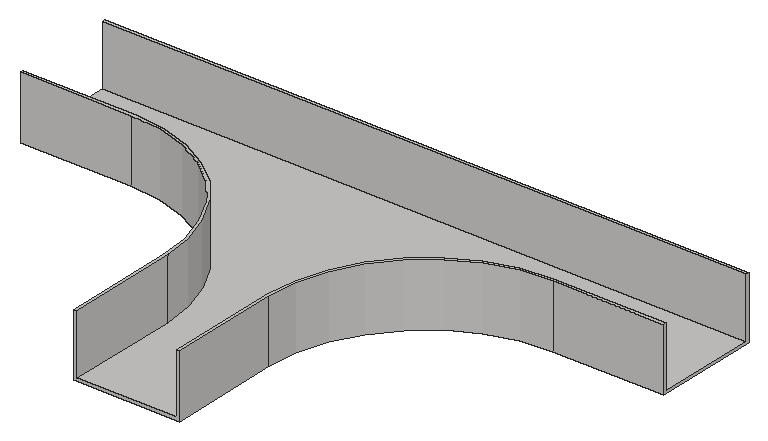
Revit family "Cable_Tray_Fitting-Solid_Tray-OBO_Bettermann-Channel_Horizontal_Tee_400-600-MKS_Magic", category Cable Tray Fittings, Revit 2012
Parameters (values of type "Hot Dipped Galvanised")
  URL = "http://www.obo-bettermann.com/"
  Tray Width Overall [instance] = Tray Width 3 + 510 mm  # 610 mm
  Tray Width 3 [instance] = 100 mm
  Tray Width 1 [instance] = 100 mm
  Tray Height [instance] = 60 mm
  built-in parameter 1140111 [instance] = 2.58 mm
  Radius Label 1 = Radius Label + 2.6 mm  # 152.6 mm
  Radius Label = 150 mm
  Product Page URL = "http://catalog2.obo-bettermann.com/catalogue/catalogue.do?favOid=kts_315277&act=showIO&lang=en&action=start&catId=KTS&forward=showSolutionView"
  Product Documentation Link = ""
  Pre Galvanized = no
  Model = "MKS-Magic"
  Manufacturer = "OBO Bettermann"
  Description = "Solid Cable tray"
  Connector Description 3 = "Connector for Cable Tray 3"  # constant formula
  Connector Description 2 = "Connector for Cable Tray 2"  # constant formula
  Connector Description = "Connector for Cable Tray 1"  # constant formula
  Classification = "Refer to nline catalog for UL and cUL classifed sizes and wire sizes."
  Cable Tray Material = Metal - OBO Bettermann - Hot-Dipped-Galvanised
  Assembly Code = "D5030600"
Types (2, lengths in mm): name | Tray Width Overall | Tray Width 3 | Tray Width 1 | Cable Tray Material
  Stripped Galvanised | 910 | 400 | 400 | Metal - OBO Bettermann - Strip-Galvanised
  Hot Dipped Galvanised | 610 | 100 | 100 | Metal - OBO Bettermann - Hot-Dipped-Galvanised
Reference planes
  plane 1 "Center (Front/Back)": y = 0
  plane 2: z = 0
  plane 3 "Center (Left/Right)": x = 0
  plane 4: y = 50
  plane 5: y = -50
  plane 6: z = 30
  plane 7: z = -30
  plane 8: x = -50
  plane 9: x = 50
  plane 10: y = -47.42
  plane 11: y = 47.42
  plane 12: y = -305
  plane 13: x = -47.42
  plane 14: x = 47.42
  plane 15: z = -27.42
  plane 16: x = -305
  plane 17: x = 305
Forms (mm)
  Extrusion 1, solid, material "Metal - OBO Bettermann - Hot-Dipped-Galvanised" <- "Cable Tray Material", detail levels fine
    sketch origin (0, 0, 0) x (1, 0, 0) y (0, 1, 0)
      loop
        line (-305, -47.42) -> (-305, -50) -> (-200, -50)
        arc (-200, -50) -> (-93.934, -93.934) -> (-50, -200) r 150
        line (-50, -200) -> (-50, -305) -> (-47.42, -305) -> (-47.42, -197.51)
        arc (-47.42, -197.51) -> (-92.096, -92.096) -> (-197.51, -47.42) r 152.6
        line (-197.51, -47.42) -> (-305, -47.42)
      loop
        line (200, -50) -> (305, -50) -> (305, -47.42) -> (197.51, -47.42)
        arc (197.51, -47.42) -> (92.096, -92.096) -> (47.42, -197.51) r 152.6
        line (47.42, -197.51) -> (47.42, -305) -> (50, -305) -> (50, -200)
        arc (50, -200) -> (93.934, -93.934) -> (200, -50) r 150
      loop
        line (-305, 50) -> (-305, 47.42) -> (305, 47.42) -> (305, 50) -> (-305, 50)
    from -30 to 30
  Extrusion 2, solid, material "Metal - OBO Bettermann - Hot-Dipped-Galvanised" <- "Cable Tray Material", detail levels fine
    sketch origin (0, 0, 0) x (1, 0, 0) y (0, 1, 0)
      loop
        line (-305, -50) -> (-200, -50)
        arc (-200, -50) -> (-93.934, -93.934) -> (-50, -200) r 150
        line (-50, -200) -> (-50, -305) -> (50, -305) -> (50, -200)
        arc (50, -200) -> (93.934, -93.934) -> (200, -50) r 150
        line (200, -50) -> (305, -50) -> (305, 50) -> (-305, 50) -> (-305, -50)
    from -30 to -27.42
  Extrusion 3, solid, material "Metal - OBO Bettermann - Hot-Dipped-Galvanised" <- "Cable Tray Material", detail levels medium
    sketch origin (0, 0, 0) x (1, 0, 0) y (0, 1, 0)
      loop
        line (-305, 50) -> (-305, -50) -> (-200, -50)
        arc (-200, -50) -> (-93.934, -93.934) -> (-50, -200) r 150
        line (-50, -200) -> (-50, -305) -> (50, -305) -> (50, -200)
        arc (50, -200) -> (93.934, -93.934) -> (200, -50) r 150
        line (200, -50) -> (305, -50) -> (305, 50) -> (-305, 50)
    from -30 to 30
Cuts and joins
  joined: Extrusion 1, Extrusion 2
Lines and regions (mm)
  model lines, style "Coarse View", detail levels coarse
    curve 1: line (-230, 0, 0) -> (200, 0, 0)
    curve 2: line (0, 0, 0) -> (0, -305, 0)
Dimensions and locks
  equal spacing: plane 4, plane 1 "Center (Front/Back)", plane 5
  "Tray Width 1": plane 4 to plane 5
  equal spacing: plane 6, plane 2, plane 7
  "Tray Height": plane 6 to plane 7
  equal spacing: plane 8, plane 3 "Center (Left/Right)", plane 9  (x2)
  "Tray Width 3": plane 8 to plane 9
  "built-in parameter 1140111": plane 10 to plane 5
  "built-in parameter 1140111": plane 4 to plane 11
  locked: plane 5 to plane 12 at 255
  "built-in parameter 1140111": plane 8 to plane 13
  "built-in parameter 1140111": plane 14 to plane 9
  "built-in parameter 1140111": plane 15 to plane 7
  locked: plane 16 to plane 8 at 255
  locked: plane 9 to plane 17 at 255
  equal spacing: plane 16, plane 3 "Center (Left/Right)", plane 17
  "Radius Label": radius of Extrusion 3 sketch curve  (x2)
  "Radius Label": radius of Extrusion 1 sketch curve  (x2)
  "Radius Label 1": radius of Extrusion 1 sketch curve  (x2)
  "Radius Label": radius of Extrusion 2 sketch curve  (x2)
  aligned and locked: Extrusion 1 sketch curve to plane 10
  aligned and locked: Extrusion 1 sketch curve to plane 5
  aligned and locked: Extrusion 1 sketch curve to plane 8
  aligned and locked: plane 12 to Extrusion 1 sketch curve  (x2)
  aligned and locked: Extrusion 1 sketch curve to plane 13
  aligned and locked: plane 13 to Extrusion 1 sketch curve
  aligned and locked: plane 8 to Extrusion 1 sketch curve
  aligned and locked: Extrusion 1 sketch curve to plane 12  (x2)
  aligned and locked: Extrusion 1 to plane 7
  aligned and locked: plane 6 to Extrusion 1
  aligned and locked: plane 5 to Extrusion 1 sketch curve
  aligned and locked: plane 10 to Extrusion 1 sketch curve
  aligned and locked: Extrusion 1 sketch curve to plane 14
  aligned and locked: Extrusion 1 sketch curve to plane 9
  aligned and locked: plane 9 to Extrusion 1 sketch curve
  aligned and locked: plane 14 to Extrusion 1 sketch curve
  aligned and locked: plane 11 to Extrusion 1 sketch curve
  aligned and locked: Extrusion 1 sketch curve to plane 4
  aligned and locked: Extrusion 2 sketch curve to plane 5
  aligned and locked: Extrusion 2 sketch curve to plane 4
  aligned and locked: plane 4 to Extrusion 2 sketch curve
  aligned and locked: plane 5 to Extrusion 2 sketch curve
  aligned and locked: plane 12 to Extrusion 2 sketch curve
  aligned and locked: plane 9 to Extrusion 2 sketch curve
  aligned and locked: plane 8 to Extrusion 2 sketch curve
  aligned and locked: Extrusion 2 sketch curve to plane 12
  aligned and locked: Extrusion 2 to plane 7
  aligned and locked: plane 15 to Extrusion 2
  aligned and locked: Extrusion 3 sketch curve to plane 5  (x2)
  aligned and locked: plane 4 to Extrusion 3 sketch curve  (x2)
  aligned and locked: plane 5 to Extrusion 3 sketch curve
  aligned and locked: plane 12 to Extrusion 3 sketch curve
  aligned and locked: Extrusion 3 sketch curve to plane 9
  aligned and locked: plane 9 to Extrusion 3 sketch curve
  aligned and locked: plane 8 to Extrusion 3 sketch curve
  aligned and locked: Extrusion 3 sketch curve to plane 12
  aligned and locked: Extrusion 3 to plane 7
  aligned and locked: plane 6 to Extrusion 3
  aligned and locked: plane 1 "Center (Front/Back)" to curve 1
  aligned and locked: plane 12 to curve 2
  aligned and locked: plane 1 "Center (Front/Back)" to curve 2
  aligned and locked: curve 2 to plane 3 "Center (Left/Right)"
  aligned and locked: plane 16 to Extrusion 3
  aligned and locked: plane 16 to cut or joined group of Extrusion 1, Extrusion 2
  aligned and locked: plane 17 to Extrusion 3
  aligned and locked: cut or joined group of Extrusion 1, Extrusion 2 to Extrusion 3
Automatic sketch dimensions
  Extrusion 1 sketch curve to Extrusion 1 sketch curve = 0 mm  (x4)
  Extrusion 1 sketch curve to Extrusion 1 sketch curve = 105 mm  (x2)
  Extrusion 1 sketch curve to plane 8 = 255 mm
  Extrusion 2 sketch curve to Extrusion 2 sketch curve = 105 mm  (x2)
  Extrusion 3 sketch curve to plane 8 = 255 mm
  plane 9 to Extrusion 1 sketch curve = 255 mm
  plane 9 to Extrusion 3 sketch curve = 255 mm
  curve 1 to plane 16 = 75 mm
  plane 17 to curve 1 = 105 mm
Connectors
  cabletrayconduit at (-305, 0, 0), driven by "Tray Height", driven by "Tray Width 1", driven by "Connector Description"
    settings: on Extrusion 3, index 1, connector width 100 mm, connector height 60 mm, connector radius 304.8 mm, connector angle 0.00°, system type 32, placement type 0, profile type 1, connector reference index 2, is primary connector yes, connector utility param no, connector description "Connector for Cable Tray 1"
  cabletrayconduit at (305, 0, 0), driven by "Tray Height", driven by "Tray Width 1", driven by "Connector Description 2"
    settings: on Extrusion 3, index 2, connector width 100 mm, connector height 60 mm, connector radius 304.8 mm, connector angle 0.00°, system type 32, placement type 0, profile type 1, connector reference index 1, is primary connector no, connector utility param no, connector description "Connector for Cable Tray 2"
  cabletrayconduit at (0, -305, 0), driven by "Tray Height", driven by "Tray Width 3", driven by "Connector Description 3"
    settings: on Extrusion 3, index 3, connector width 100 mm, connector height 60 mm, connector radius 304.8 mm, connector angle 0.00°, system type 32, placement type 0, profile type 1, connector reference index -1, is primary connector no, connector utility param no, connector description "Connector for Cable Tray 3"
